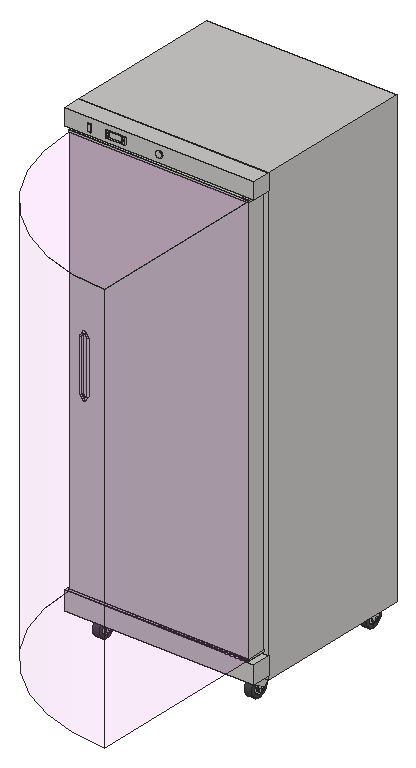
Revit family "QF_Kelvinator_738279_KCHRI25R1DFE_Reach_In_Back_Room_Freezer_31_Long", category Specialty Equipment, Revit 2021
Family settings
  Round Connector Dimension = Use Diameter
  Part Type = Normal
  Work Plane-Based = No
  Always vertical = Yes
  Cut with Voids When Loaded = No
  Shared = No
  Room Calculation Point = No
Parameters
  Weight in Pounds = 264.555
  Watts = if(Phase = 3, Volts * FL Amps * 1.73, Volts * FL Amps)  # 920 W
  Volts = 115 V
  URL Cutsheet = ""
  Type Comments = ""
  Specification by User = ""
  Specification by Manufacturer = ""
  Show Right Door [instance] = not(Show Left Door)  # no
  Show Left Door [instance] = yes
  Serial Number = ""
  Seismic Rating = ""
  SMACNA No = ""
  Revision Code = ""
  Refrigerant Type = "R290"
  Phase = 1
  Number of Poles = 1
  NAFEM Spec ID Number = ""
  Model = "738279 (KCHRI25R1DFE)"
  Min Ckt Ampacity = 0 A
  Max Overcurrent Protection = 0 A
  Masterspec = ""
  Manufacturer = "Kelvinator Commercial"
  Length = 30 9/16"
  Item Number = "738279"
  Installed By = ""
  Identify Quantity as Lot = yes
  Height = 77 3/16"
  HP = "3/4"
  Furnished By = ""
  Foodservice Equipment Identifier = yes
  FL Amps = 8 A
  Electrical Remarks = ""
  Electric Connection Type = ""
  Elec Conn RI Height = 0"
  Elec Conn Connection Height = 0"
  Description = "Reach In Back Room Freezer 31\" Long"
  Depth = 28 3/4"
  Default Elevation = 0"
  Cycle = 60 Hz
  Conn Plug = "5-15P"
  Conn Conduit = yes
  CSI MasterFormat = ""
  Apparent Power = if(Phase = 3, Volts * FL Amps * 1.73, Volts * FL Amps)  # 920 VA
Reference planes (in)
  plane 1 "BACK": y = 0
  plane 2: z = 0
  plane 3 "LEFT": x = 0
  plane 4 "RIGHT": x = 30.5625
  plane 5 "FRONT": y = -28.75
  plane 6 "TOP": z = 77.1875
  plane 7 "Center Y": x = 15.28125
  plane 8 "Center X": y = -14.375
Dimensions and locks (in)
  equal spacing: plane 3 "LEFT", plane 7 "Center Y", plane 4 "RIGHT"
  "Length": plane 3 "LEFT" to plane 4 "RIGHT"
  equal spacing: plane 5 "FRONT", plane 8 "Center X", plane 1 "BACK"
  "Depth": plane 5 "FRONT" to plane 1 "BACK"
  "Height": plane 6 "TOP" to level
  aligned and locked: level to plane 2
Nested families (in)
  nested 1: "KCHRI25R1DRE" at (0, 0, 0), Show Right Door <- "Show Right Door", Show Left Door <- "Show Left Door", type "KCHRI25R1DRE"
    with Show Right Door no, Show Left Door yes, Show Clearance yes
Connectors (in)
  electrical at (28.90625, -0.69297, 3.04521), driven by "Volts", driven by "Watts"
    settings: on nested 1, index 1, voltage 115 V, apparent load 920 VA, apparent load phase1 0 VA, apparent load phase2 0 VA, apparent load phase3 0 VA, power factor 1, load classification "Power", number of poles 1, system type 30, power factor state 1, is connector primary yes, connector utility no, sub classification motor no, connector description "Electrical Connection"
Definition of nested family "KCHRI25R1DRE"
  Parameters (values of type "KCHRI25R1DRE")
    Weight in Pounds = 0
    URL Cutsheet = ""
    Specification by User = ""
    Specification by Manufacturer = ""
    Show Right Door [instance] = yes
    Show Left Door [instance] = yes
    Show Clearance [instance] = yes
    Serial Number = ""
    Seismic Rating = ""
    SMACNA No = ""
    Revision Code = ""
    NAFEM Spec ID Number = ""
    Masterspec = ""
    Length = 30 9/16"
    Item Number = ""
    Installed By = ""
    Identify Quantity as Lot = yes
    Height = 77 3/16"
    Furnished By = ""
    Foodservice Equipment Identifier = yes
    Depth = 28 3/4"
    Default Elevation = 0"
    CSI MasterFormat = ""
  Reference planes (in)
    plane 1 "BACK": y = 0
    plane 2: z = 0
    plane 3 "LEFT": x = 0
    plane 4 "RIGHT": x = 30.5625
    plane 5 "FRONT": y = -28.75
    plane 6 "TOP": z = 77.5625
    plane 7 "Center Y": x = 15.28125
    plane 8 "Center X": y = -14.375
    plane 9: y = -25.79
    plane 10: z = 3.9425
    plane 11: z = 73.4275
    plane 12: z = 8.0775
    plane 13: z = 77.1875
  Forms (in)
    Extrusion 1, solid
      sketch origin (0, 0, 0) x (0, 1, 0) y (0, 0, 1)
        loop
          line (-25.79, 3.9425) -> (0, 3.9425) -> (0, 77.1875) -> (-25.79, 77.1875) -> (-25.79, 3.9425)
      from 0 to 30.5625
    Extrusion 2, solid
      sketch origin (0, -28.75, 76.915) x (0, 0, -1) y (1, 0, 0)
        loop
          line (0.52222, 3.80686) -> (1.77222, 3.80686) -> (1.77222, 4.30686) -> (0.52222, 4.30686) -> (0.52222, 3.80686)
        loop
          circle (1.07423, 15.28125) r 0.5
      from 0 to 0.06
    Extrusion 3, solid
      sketch origin (-16.70908, -28.75, 66.70231) x (-1, 0, 0) y (0, 0, 1)
        loop
          line (-23.36283, 9.70772) -> (-26.51243, 9.70772) -> (-26.51243, 8.52662) -> (-23.36283, 8.52662) -> (-23.36283, 9.70772)
        loop
          line (-23.44157, 9.63107) -> (-23.83527, 9.63107) -> (-23.83527, 9.31193) -> (-23.44157, 9.31193) -> (-23.44157, 9.63107)
        loop
          line (-23.44157, 9.27674) -> (-23.83527, 9.27674) -> (-23.83527, 8.9576) -> (-23.44157, 8.9576) -> (-23.44157, 9.27674)
        loop
          line (-23.44157, 8.92241) -> (-23.83527, 8.92241) -> (-23.83527, 8.60327) -> (-23.44157, 8.60327) -> (-23.44157, 8.92241)
        loop
          line (-26.43369, 9.63107) -> (-26.43369, 9.31193) -> (-26.03999, 9.31193) -> (-26.03999, 9.63107) -> (-26.43369, 9.63107)
        loop
          line (-26.43369, 9.27674) -> (-26.43369, 8.9576) -> (-26.03999, 8.9576) -> (-26.03999, 9.27674) -> (-26.43369, 9.27674)
        loop
          line (-26.43369, 8.92241) -> (-26.43369, 8.60327) -> (-26.03999, 8.60327) -> (-26.03999, 8.92241) -> (-26.43369, 8.92241)
        loop
          line (-23.91275, 9.63107) -> (-25.96251, 9.63107) -> (-25.96251, 8.60716) -> (-23.91275, 8.60716) -> (-23.91275, 9.63107)
      from 0.07874 to -0.04602
    Extrusion 4, solid
      sketch origin (-16.70908, -28.79602, 66.70231) x (1, 0, 0) y (0, 0, 1)
        loop
          line (26.03999, 9.63107) -> (26.03999, 9.31193) -> (26.43369, 9.31193) -> (26.43369, 9.63107) -> (26.03999, 9.63107)
        loop
          line (26.03999, 9.27674) -> (26.03999, 8.9576) -> (26.43369, 8.9576) -> (26.43369, 9.27674) -> (26.03999, 9.27674)
        loop
          line (26.03999, 8.92241) -> (26.03999, 8.60327) -> (26.43369, 8.60327) -> (26.43369, 8.92241) -> (26.03999, 8.92241)
        loop
          line (23.83527, 9.63107) -> (23.44157, 9.63107) -> (23.44157, 9.31193) -> (23.83527, 9.31193) -> (23.83527, 9.63107)
        loop
          line (23.83527, 9.27674) -> (23.44157, 9.27674) -> (23.44157, 8.9576) -> (23.83527, 8.9576) -> (23.83527, 9.27674)
        loop
          line (23.83527, 8.92241) -> (23.44157, 8.92241) -> (23.44157, 8.60327) -> (23.83527, 8.60327) -> (23.83527, 8.92241)
      from 0 to -0.07874
    Extrusion 5, solid
      sketch origin (-16.70908, -28.79602, 66.70231) x (1, 0, 0) y (0, 0, 1)
        loop
          line (23.91275, 9.63107) -> (23.91275, 8.60716) -> (25.96251, 8.60716) -> (25.96251, 9.63107) -> (23.91275, 9.63107)
      from 0 to -0.07874
    Extrusion 6, void
      sketch origin (-16.70908, -28.75, 66.70231) x (-1, 0, 0) y (0, 0, 1)
        loop
          line (-23.36283, 9.70772) -> (-26.51243, 9.70772) -> (-26.51243, 8.52662) -> (-23.36283, 8.52662) -> (-23.36283, 9.70772)
      from 0 to 0.07874
    Extrusion 7, void
      sketch origin (0, -28.75, 4.4425) x (0, 0, -1) y (-1, 0, 0)
        loop
          line (-2.6875, -15.28125) -> (-2.6875, -16.28125) -> (-2.375, -16.28125) -> (-2.375, -15.28125) -> (-2.375, -14.28125) -> (-2.6875, -14.28125) -> (-2.6875, -15.28125)
        loop
          line (-2.1875, -15.28125) -> (-2.1875, -16.28125) -> (-1.875, -16.28125) -> (-1.875, -15.28125) -> (-1.875, -14.28125) -> (-2.1875, -14.28125) -> (-2.1875, -15.28125)
        loop
          line (-1.6875, -15.28125) -> (-1.6875, -16.28125) -> (-1.375, -16.28125) -> (-1.375, -15.28125) -> (-1.375, -14.28125) -> (-1.6875, -14.28125) -> (-1.6875, -15.28125)
        loop
          line (-1.1875, -15.28125) -> (-1.1875, -16.28125) -> (-0.875, -16.28125) -> (-0.875, -15.28125) -> (-0.875, -14.28125) -> (-1.1875, -14.28125) -> (-1.1875, -15.28125)
        loop
          line (-0.6875, -15.28125) -> (-0.6875, -16.28125) -> (-0.375, -16.28125) -> (-0.375, -15.28125) -> (-0.375, -14.28125) -> (-0.6875, -14.28125) -> (-0.6875, -15.28125)
        loop
          line (-2.6875, -18.28125) -> (-2.6875, -19.28125) -> (-2.375, -19.28125) -> (-2.375, -18.28125) -> (-2.375, -17.28125) -> (-2.6875, -17.28125) -> (-2.6875, -18.28125)
        loop
          line (-2.1875, -18.28125) -> (-2.1875, -19.28125) -> (-1.875, -19.28125) -> (-1.875, -18.28125) -> (-1.875, -17.28125) -> (-2.1875, -17.28125) -> (-2.1875, -18.28125)
        loop
          line (-1.6875, -18.28125) -> (-1.6875, -19.28125) -> (-1.375, -19.28125) -> (-1.375, -18.28125) -> (-1.375, -17.28125) -> (-1.6875, -17.28125) -> (-1.6875, -18.28125)
        loop
          line (-1.1875, -18.28125) -> (-1.1875, -19.28125) -> (-0.875, -19.28125) -> (-0.875, -18.28125) -> (-0.875, -17.28125) -> (-1.1875, -17.28125) -> (-1.1875, -18.28125)
        loop
          line (-0.6875, -18.28125) -> (-0.6875, -19.28125) -> (-0.375, -19.28125) -> (-0.375, -18.28125) -> (-0.375, -17.28125) -> (-0.6875, -17.28125) -> (-0.6875, -18.28125)
        loop
          line (-2.6875, -21.28125) -> (-2.6875, -22.28125) -> (-2.375, -22.28125) -> (-2.375, -21.28125) -> (-2.375, -20.28125) -> (-2.6875, -20.28125) -> (-2.6875, -21.28125)
        loop
          line (-2.1875, -21.28125) -> (-2.1875, -22.28125) -> (-1.875, -22.28125) -> (-1.875, -21.28125) -> (-1.875, -20.28125) -> (-2.1875, -20.28125) -> (-2.1875, -21.28125)
        loop
          line (-1.6875, -21.28125) -> (-1.6875, -22.28125) -> (-1.375, -22.28125) -> (-1.375, -21.28125) -> (-1.375, -20.28125) -> (-1.6875, -20.28125) -> (-1.6875, -21.28125)
        loop
          line (-1.1875, -21.28125) -> (-1.1875, -22.28125) -> (-0.875, -22.28125) -> (-0.875, -21.28125) -> (-0.875, -20.28125) -> (-1.1875, -20.28125) -> (-1.1875, -21.28125)
        loop
          line (-0.6875, -21.28125) -> (-0.6875, -22.28125) -> (-0.375, -22.28125) -> (-0.375, -21.28125) -> (-0.375, -20.28125) -> (-0.6875, -20.28125) -> (-0.6875, -21.28125)
        loop
          line (-2.6875, -24.28125) -> (-2.6875, -25.28125) -> (-2.375, -25.28125) -> (-2.375, -24.28125) -> (-2.375, -23.28125) -> (-2.6875, -23.28125) -> (-2.6875, -24.28125)
        loop
          line (-2.1875, -24.28125) -> (-2.1875, -25.28125) -> (-1.875, -25.28125) -> (-1.875, -24.28125) -> (-1.875, -23.28125) -> (-2.1875, -23.28125) -> (-2.1875, -24.28125)
        loop
          line (-1.6875, -24.28125) -> (-1.6875, -25.28125) -> (-1.375, -25.28125) -> (-1.375, -24.28125) -> (-1.375, -23.28125) -> (-1.6875, -23.28125) -> (-1.6875, -24.28125)
        loop
          line (-1.1875, -24.28125) -> (-1.1875, -25.28125) -> (-0.875, -25.28125) -> (-0.875, -24.28125) -> (-0.875, -23.28125) -> (-1.1875, -23.28125) -> (-1.1875, -24.28125)
        loop
          line (-0.6875, -24.28125) -> (-0.6875, -25.28125) -> (-0.375, -25.28125) -> (-0.375, -24.28125) -> (-0.375, -23.28125) -> (-0.6875, -23.28125) -> (-0.6875, -24.28125)
        loop
          line (-2.6875, -27.28125) -> (-2.6875, -28.28125) -> (-2.375, -28.28125) -> (-2.375, -27.28125) -> (-2.375, -26.28125) -> (-2.6875, -26.28125) -> (-2.6875, -27.28125)
        loop
          line (-2.1875, -27.28125) -> (-2.1875, -28.28125) -> (-1.875, -28.28125) -> (-1.875, -27.28125) -> (-1.875, -26.28125) -> (-2.1875, -26.28125) -> (-2.1875, -27.28125)
        loop
          line (-1.6875, -27.28125) -> (-1.6875, -28.28125) -> (-1.375, -28.28125) -> (-1.375, -27.28125) -> (-1.375, -26.28125) -> (-1.6875, -26.28125) -> (-1.6875, -27.28125)
        loop
          line (-1.1875, -27.28125) -> (-1.1875, -28.28125) -> (-0.875, -28.28125) -> (-0.875, -27.28125) -> (-0.875, -26.28125) -> (-1.1875, -26.28125) -> (-1.1875, -27.28125)
        loop
          line (-0.6875, -27.28125) -> (-0.6875, -28.28125) -> (-0.375, -28.28125) -> (-0.375, -27.28125) -> (-0.375, -26.28125) -> (-0.6875, -26.28125) -> (-0.6875, -27.28125)
        loop
          line (-2.6875, -12.28125) -> (-2.6875, -13.28125) -> (-2.375, -13.28125) -> (-2.375, -12.28125) -> (-2.375, -11.28125) -> (-2.6875, -11.28125) -> (-2.6875, -12.28125)
        loop
          line (-2.1875, -12.28125) -> (-2.1875, -13.28125) -> (-1.875, -13.28125) -> (-1.875, -12.28125) -> (-1.875, -11.28125) -> (-2.1875, -11.28125) -> (-2.1875, -12.28125)
        loop
          line (-1.6875, -12.28125) -> (-1.6875, -13.28125) -> (-1.375, -13.28125) -> (-1.375, -12.28125) -> (-1.375, -11.28125) -> (-1.6875, -11.28125) -> (-1.6875, -12.28125)
        loop
          line (-1.1875, -12.28125) -> (-1.1875, -13.28125) -> (-0.875, -13.28125) -> (-0.875, -12.28125) -> (-0.875, -11.28125) -> (-1.1875, -11.28125) -> (-1.1875, -12.28125)
        loop
          line (-0.6875, -12.28125) -> (-0.6875, -13.28125) -> (-0.375, -13.28125) -> (-0.375, -12.28125) -> (-0.375, -11.28125) -> (-0.6875, -11.28125) -> (-0.6875, -12.28125)
        loop
          line (-2.6875, -9.28125) -> (-2.6875, -10.28125) -> (-2.375, -10.28125) -> (-2.375, -9.28125) -> (-2.375, -8.28125) -> (-2.6875, -8.28125) -> (-2.6875, -9.28125)
        loop
          line (-2.1875, -9.28125) -> (-2.1875, -10.28125) -> (-1.875, -10.28125) -> (-1.875, -9.28125) -> (-1.875, -8.28125) -> (-2.1875, -8.28125) -> (-2.1875, -9.28125)
        loop
          line (-1.6875, -9.28125) -> (-1.6875, -10.28125) -> (-1.375, -10.28125) -> (-1.375, -9.28125) -> (-1.375, -8.28125) -> (-1.6875, -8.28125) -> (-1.6875, -9.28125)
        loop
          line (-1.1875, -9.28125) -> (-1.1875, -10.28125) -> (-0.875, -10.28125) -> (-0.875, -9.28125) -> (-0.875, -8.28125) -> (-1.1875, -8.28125) -> (-1.1875, -9.28125)
        loop
          line (-0.6875, -9.28125) -> (-0.6875, -10.28125) -> (-0.375, -10.28125) -> (-0.375, -9.28125) -> (-0.375, -8.28125) -> (-0.6875, -8.28125) -> (-0.6875, -9.28125)
        loop
          line (-2.6875, -6.28125) -> (-2.6875, -7.28125) -> (-2.375, -7.28125) -> (-2.375, -6.28125) -> (-2.375, -5.28125) -> (-2.6875, -5.28125) -> (-2.6875, -6.28125)
        loop
          line (-2.1875, -6.28125) -> (-2.1875, -7.28125) -> (-1.875, -7.28125) -> (-1.875, -6.28125) -> (-1.875, -5.28125) -> (-2.1875, -5.28125) -> (-2.1875, -6.28125)
        loop
          line (-1.6875, -6.28125) -> (-1.6875, -7.28125) -> (-1.375, -7.28125) -> (-1.375, -6.28125) -> (-1.375, -5.28125) -> (-1.6875, -5.28125) -> (-1.6875, -6.28125)
        loop
          line (-1.1875, -6.28125) -> (-1.1875, -7.28125) -> (-0.875, -7.28125) -> (-0.875, -6.28125) -> (-0.875, -5.28125) -> (-1.1875, -5.28125) -> (-1.1875, -6.28125)
        loop
          line (-0.6875, -6.28125) -> (-0.6875, -7.28125) -> (-0.375, -7.28125) -> (-0.375, -6.28125) -> (-0.375, -5.28125) -> (-0.6875, -5.28125) -> (-0.6875, -6.28125)
        loop
          line (-2.6875, -3.28125) -> (-2.6875, -4.28125) -> (-2.375, -4.28125) -> (-2.375, -3.28125) -> (-2.375, -2.28125) -> (-2.6875, -2.28125) -> (-2.6875, -3.28125)
        loop
          line (-2.1875, -3.28125) -> (-2.1875, -4.28125) -> (-1.875, -4.28125) -> (-1.875, -3.28125) -> (-1.875, -2.28125) -> (-2.1875, -2.28125) -> (-2.1875, -3.28125)
        loop
          line (-1.6875, -3.28125) -> (-1.6875, -4.28125) -> (-1.375, -4.28125) -> (-1.375, -3.28125) -> (-1.375, -2.28125) -> (-1.6875, -2.28125) -> (-1.6875, -3.28125)
        loop
          line (-1.1875, -3.28125) -> (-1.1875, -4.28125) -> (-0.875, -4.28125) -> (-0.875, -3.28125) -> (-0.875, -2.28125) -> (-1.1875, -2.28125) -> (-1.1875, -3.28125)
        loop
          line (-0.6875, -3.28125) -> (-0.6875, -4.28125) -> (-0.375, -4.28125) -> (-0.375, -3.28125) -> (-0.375, -2.28125) -> (-0.6875, -2.28125) -> (-0.6875, -3.28125)
      from 0 to 0.03
    Extrusion 8, solid
      sketch origin (13.625, 2.61838, 3.9425) x (-1, 0, 0) y (0, 1, 0)
        loop
          circle (-15.28125, -3.31134) r 0.25
      from 0 to 0.89729
    Extrusion 9, solid
      sketch origin (0, 0, 0) x (0, 1, 0) y (0, 0, 1)
        loop
          line (-28.75, 77.1875) -> (-28.75, 74.5625) -> (-25.79, 74.5625) -> (-25.79, 77.1875) -> (-28.75, 77.1875)
        loop
          line (-25.79, 4.4425) -> (-25.79, 7.4425) -> (-28.75, 7.4425) -> (-28.75, 4.4425) -> (-25.79, 4.4425)
      from 0 to 30.5625
  Cuts and joins
    Extrusion 6 cuts Extrusion 3
    Extrusion 7 cuts Extrusion 1
  Lines and regions (in)
    Split face 1
      outline origin (0, -28.75, 76.915) x (0, 0, -1) y (1, 0, 0)
        loop
          line (-0.045, 27.9375) -> (-0.045, 2.625)
          arc (-0.045, 2.625) -> (1.08, 1.5) -> (2.205, 2.625) r 1.125
          line (2.205, 2.625) -> (2.205, 27.9375)
          arc (2.205, 27.9375) -> (1.08, 29.0625) -> (-0.045, 27.9375) r 1.125
    symbolic lines
      curve 1: line (0, -28.75, 0) -> (0, 0, 0)
      curve 2: line (30.5625, 0, 0) -> (0, 0, 0)
      curve 3: line (30.5625, -28.75, 0) -> (30.5625, 0, 0)
      curve 4: line (30.5625, -25.79, 0) -> (0, -25.79, 0)
      curve 5: line (0, -28.75, 0) -> (30.5625, -28.75, 0)
      curve 6: line (3.80686, -28.81, 0) -> (4.30686, -28.81, 0)
      curve 7: line (4.30686, -28.81, 0) -> (4.30686, -28.75, 0)
      curve 8: line (3.80686, -28.81, 0) -> (3.80686, -28.75, 0)
      curve 9: line (6.65374, -28.79602, 0) -> (9.80335, -28.79602, 0)
      curve 10: line (9.80335, -28.79602, 0) -> (9.80335, -28.75, 0)
      curve 11: line (6.65374, -28.79602, 0) -> (6.65374, -28.75, 0)
      curve 12: line (14.78125, -28.81, 0) -> (15.78125, -28.81, 0)
      curve 13: line (15.78125, -28.81, 0) -> (15.78125, -28.75, 0)
      curve 14: line (14.78125, -28.81, 0) -> (14.78125, -28.75, 0)
  Dimensions and locks (in)
    equal spacing: plane 3 "LEFT", plane 7 "Center Y", plane 4 "RIGHT"
    "Length": plane 3 "LEFT" to plane 4 "RIGHT"
    equal spacing: plane 5 "FRONT", plane 8 "Center X", plane 1 "BACK"
    "Depth": plane 5 "FRONT" to plane 1 "BACK"
    plane 6 "TOP" to level = 77 9/16"  (x2)
    plane 9 to plane 1 "BACK" = 25.79"
    plane 5 "FRONT" to plane 9 = 2.96"
    plane 6 "TOP" to plane 10 = 73.62"
    plane 11 to plane 12 = 65.35"
    plane 10 to level = 3.9425"
    "Height": plane 13 to plane 2
    aligned and locked: level to plane 2
  Automatic sketch dimensions
    Extrusion 1 sketch curve to plane 10 = 0"
    Extrusion 2 sketch curve to Extrusion 2 sketch curve = 1/2"
    Extrusion 2 sketch curve to Extrusion 2 sketch curve = 10.97439"
    Extrusion 3 sketch curve to plane 6 "TOP" = 1.15247"
    Extrusion 3 sketch curve to plane 7 "Center Y" = 5.4779"
    Extrusion 3 sketch curve to Extrusion 3 sketch curve = 0.07874"  (x3)
    Extrusion 3 sketch curve to Extrusion 3 sketch curve = 0"  (x8)
    Extrusion 3 sketch curve to Extrusion 3 sketch curve = 0.3937"  (x2)
    Extrusion 3 sketch curve to Extrusion 3 sketch curve = 0.07748"  (x3)
    Extrusion 3 sketch curve to Extrusion 3 sketch curve = 2.04976"
    Extrusion 3 sketch curve to Extrusion 3 sketch curve = 0.07665"  (x2)
    Extrusion 3 sketch curve to Extrusion 3 sketch curve = 0.31914"  (x6)
    Extrusion 3 sketch curve to Extrusion 3 sketch curve = 0.03519"  (x4)
    Extrusion 3 sketch curve to Extrusion 3 sketch curve = 0.31525"
    Extrusion 3 to Extrusion 4 sketch curve = 0"  (x10)
    Extrusion 4 sketch curve to Extrusion 3 = 0"  (x14)
    Extrusion 5 sketch curve to Extrusion 3 = 0"  (x3)
    Extrusion 3 to Extrusion 5 sketch curve = 0"
    Extrusion 6 sketch curve to plane 6 "TOP" = 1.15247"
    Extrusion 6 sketch curve to plane 7 "Center Y" = 5.4779"
    Extrusion 6 sketch curve to Extrusion 6 sketch curve = 3.14961"
    Extrusion 6 sketch curve to Extrusion 6 sketch curve = 1.1811"
    Extrusion 7 sketch curve to Extrusion 7 sketch curve = 5/16"  (x45)
    Extrusion 7 sketch curve to Extrusion 7 sketch curve = 3/16"  (x36)
    Extrusion 7 sketch curve to Extrusion 7 sketch curve = 0"  (x141)
    Extrusion 7 sketch curve to Extrusion 7 sketch curve = 1"  (x38)
    plane 1 "BACK" to curve 1 = 0"
    curve 1 to plane 3 "LEFT" = 0"
    plane 5 "FRONT" to curve 14 = 0"
    curve 3 to plane 4 "RIGHT" = 0"
    plane 9 to curve 4 = 0"
    plane 5 "FRONT" to curve 6 = 0.06"
    plane 3 "LEFT" to curve 6 = 3.80686"
    curve 6 to curve 7 = 1/2"
    plane 5 "FRONT" to curve 9 = 0.04602"
    curve 6 to curve 9 = 2.34688"
    curve 9 to curve 10 = 3.14961"
    plane 5 "FRONT" to curve 13 = 0.06"
    plane 7 "Center Y" to curve 13 = 1/2"
    curve 14 to plane 7 "Center Y" = 1/2"
    Extrusion 1 to Extrusion 8 sketch curve = 0.69297"
    Extrusion 8 sketch curve to Extrusion 1 = 1 21/32"
    Extrusion 1 sketch curve to plane 9 = 0"
    Extrusion 1 sketch curve to plane 1 "BACK" = 0"
    Extrusion 1 sketch curve to plane 6 "TOP" = 3/8"
    Extrusion 2 sketch curve to plane 7 "Center Y" = 0"
    Extrusion 2 sketch curve to plane 6 "TOP" = 1.16972"
    Extrusion 2 sketch curve to plane 6 "TOP" = 1.72173"
    Extrusion 2 sketch curve to Extrusion 2 sketch curve = 1 1/4"
    Extrusion 7 sketch curve to plane 7 "Center Y" = 0"
    Extrusion 7 sketch curve to plane 12 = 0.9475"  (x9)
    Extrusion 9 sketch curve to plane 5 "FRONT" = 0"  (x2)
    Extrusion 9 sketch curve to plane 9 = 0"  (x2)
    plane 10 to Extrusion 9 sketch curve = 1/2"
    Extrusion 9 sketch curve to plane 12 = 0.635"
    plane 11 to Extrusion 9 sketch curve = 1.135"
    Extrusion 9 sketch curve to plane 6 "TOP" = 3/8"
    Split face 1 sketch curve to Extrusion 9 = 0.2275"
    Split face 1 sketch curve to Split face 1 sketch curve = 1 1/8"
    Split face 1 sketch curve to Extrusion 9 = 2 5/8"  (x2)
    radius of Extrusion 2 sketch curve = 1/2"
    radius of Extrusion 8 sketch curve = 1/4"
  Nested families (in)
    nested 1: "Family4" at (0.78452, -25.79, 7.7025), Show Clearance <- "Show Left Door", visible <- "Show Left Door", type "Family4"
    nested 2: "4 INCHES_CASTER" at (27.5625, -23.79, 0), type "4 INCHES_CASTER"
      with Type Mark "", Specification by User "", Show 4 Inches Casters yes, Revision Code "", Item Number "", Installed By "", Identify Quantity as Lot yes, Furnished By "", Foodservice Equipment Identifier yes
    nested 3: "4 INCHES_CASTER" at (3, -23.79, 0), type "4 INCHES_CASTER"
      with Type Mark "", Specification by User "", Show 4 Inches Casters yes, Revision Code "", Item Number "", Installed By "", Identify Quantity as Lot yes, Furnished By "", Foodservice Equipment Identifier yes
    nested 4: "4 INCHES_CASTER" at (27.5625, -2.415, 0) x (-1, 0, 0) z (0, 0, 1), type "4 INCHES_CASTER"
      with Type Mark "", Specification by User "", Show 4 Inches Casters yes, Revision Code "", Item Number "", Installed By "", Identify Quantity as Lot yes, Furnished By "", Foodservice Equipment Identifier yes
    nested 5: "4 INCHES_CASTER" at (3, -2.415, 0) x (-1, 0, 0) z (0, 0, 1), type "4 INCHES_CASTER"
      with Type Mark "", Specification by User "", Show 4 Inches Casters yes, Revision Code "", Item Number "", Installed By "", Identify Quantity as Lot yes, Furnished By "", Foodservice Equipment Identifier yes
    nested 6: "Family4" at (29.77798, -25.79, 7.7025) x (-1, 0, 0) z (0, 0, 1), Show Clearance <- "Show Right Door", visible <- "Show Right Door", type "Family4"
  Definition of nested family "Family4"
    Parameters (values of type "Family4")
      Weight in Pounds = 0
      URL Cutsheet = ""
      Specification by User = ""
      Specification by Manufacturer = ""
      Show Clearance [instance] = yes
      Serial Number = ""
      Seismic Rating = ""
      SMACNA No = ""
      Revision Code = ""
      NAFEM Spec ID Number = ""
      Masterspec = ""
      Length = 28.89"
      Item Number = ""
      Installed By = ""
      Identify Quantity as Lot = yes
      Height = 66 1/2"
      Furnished By = ""
      Foodservice Equipment Identifier = yes
      Depth = 2.95"
      Default Elevation = 0"
      CSI MasterFormat = ""
    Reference planes (in)
      plane 1 "BACK": y = 0
      plane 2: z = 0
      plane 3 "LEFT": x = 0
      plane 4 "RIGHT": x = 28.89
      plane 5 "FRONT": y = -2.95
      plane 6 "TOP": z = 66.5
      plane 7 "Center Y": x = 14.445
      plane 8 "Center X": y = -1.475
    Forms (in)
      Extrusion 1, solid
        sketch origin (0, 0, 0) x (1, 0, 0) y (0, 0, 1)
          loop
            line (0, 66.5) -> (0, 0) -> (28.89, 0) -> (28.89, 66.5) -> (0, 66.5)
        from 0 to 2.95
      Extrusion 2, void
        sketch origin (0, -2.95, 3) x (-1, 0, 0) y (0, 0, 1)
          loop
            line (-1.94791, 26.10318) -> (-1.94791, 34.45318) -> (-2.28604, 34.99418)
            arc (-2.28604, 34.99418) -> (-2.38541, 35.04926) -> (-2.48479, 34.99418) r 0.11719
            line (-2.48479, 34.99418) -> (-2.82291, 34.45318) -> (-2.82291, 26.10318) -> (-2.48621, 25.56446)
            arc (-2.48621, 25.56446) -> (-2.38541, 25.50859) -> (-2.28462, 25.56446) r 0.11887
            line (-2.28462, 25.56446) -> (-1.94791, 26.10318)
        from 0 to 0.31887
      Sweep 3, solid
        path origin (0, 0, 3) x (1, 0, 0) y (0, 0, 1)
          loop
            line (2.82291, 34.45318) -> (2.48479, 34.99418)
            arc (2.48479, 34.99418) -> (2.38541, 35.04926) -> (2.28604, 34.99418) r 0.11719
            line (2.28604, 34.99418) -> (1.94791, 34.45318) -> (1.94791, 26.10318) -> (2.28462, 25.56446)
            arc (2.28462, 25.56446) -> (2.38541, 25.50859) -> (2.48621, 25.56446) r 0.11887
            line (2.48621, 25.56446) -> (2.82291, 26.10318) -> (2.82291, 34.45318)
        profile origin (2.82291, 0, 33.27818) x (0, -1, 0) y (1, 0, 0)
          loop
            arc (2.95, 0) -> (3.00269, 0.125) -> (2.95, 0.25) r 0.17461
            line (2.95, 0.25) -> (2.95, 0)
      Extrusion 4, solid, visible <- "Show Clearance"
        sketch origin (0, 0, 0) x (1, 0, 0) y (0, 1, 0)
          loop
            arc (0, -2.95) -> (8.46169, -23.37831) -> (28.89, -31.84) r 28.89
            line (28.89, -31.84) -> (28.89, -2.95) -> (0, -2.95)
        from 0 to 66.25
      Extrusion 5, solid
        sketch origin (-10.88143, -1.475, 48) x (-1, 0, 0) y (0, 0, 1)
          loop
            line (-10.78768, 18.5) -> (-39.86518, 18.5) -> (-39.86518, 18.25) -> (-10.78768, 18.25) -> (-10.78768, 18.5)
          loop
            line (-10.78768, -48) -> (-10.78768, -47.75) -> (-39.86518, -47.75) -> (-39.86518, -48) -> (-10.78768, -48)
        from -1.57031 to 1.57031
      Extrusion 6, solid
        sketch origin (0.5, 0, 0) x (1, 0, 0) y (0, 1, 0)
          loop
            line (28.39, 0) -> (26.64, 0) -> (27.39, -3.04531) -> (28.39, -3.04531) -> (28.39, 0)
        from 0 to -0.125
      Extrusion 7, solid
        sketch origin (0.40625, -1.475, 66.5) x (1, 0, 0) y (0, 1, 0)
          loop
            line (28.48375, 1.475) -> (26.73375, 1.475) -> (27.48375, -1.57031) -> (28.48375, -1.57031) -> (28.48375, 1.475)
        from 0 to 0.125
    Cuts and joins
      Extrusion 2 cuts Extrusion 1
    Lines and regions (in)
      symbolic lines, visible <- "Show Clearance"
        curve 1: arc (0, -2.95, 0) -> (0.84294, -9.87781, 0) -> (3.32257, -16.40134, 0) r 28.89
        curve 2: line (28.89, -2.95, 0) -> (3.32257, -16.40134, 0)
    Dimensions and locks (in)
      equal spacing: plane 3 "LEFT", plane 7 "Center Y", plane 4 "RIGHT"
      "Length": plane 3 "LEFT" to plane 4 "RIGHT"
      equal spacing: plane 5 "FRONT", plane 8 "Center X", plane 1 "BACK"
      "Depth": plane 5 "FRONT" to plane 1 "BACK"
      "Height": plane 6 "TOP" to level
      aligned and locked: level to plane 2
    Automatic sketch dimensions
      curve 1 to plane 3 "LEFT" = 0"
      curve 2 to plane 4 "RIGHT" = 0"
      curve 1 to plane 4 "RIGHT" = 0"
      plane 5 "FRONT" to curve 2 = 0"
      plane 5 "FRONT" to curve 1 = 0"
      plane 3 "LEFT" to curve 2 = 3.32257"
      Extrusion 1 sketch curve to level = 0"
      Extrusion 1 sketch curve to plane 3 "LEFT" = 0"
      plane 4 "RIGHT" to Extrusion 1 sketch curve = 0"
      Extrusion 1 sketch curve to plane 6 "TOP" = 0"
      Extrusion 1 to Extrusion 2 sketch curve = 2.82291"
      Extrusion 2 sketch curve to Extrusion 2 sketch curve = 0.3367"
      Extrusion 2 sketch curve to Extrusion 2 sketch curve = 0.33813"  (x2)
      Extrusion 2 sketch curve to Extrusion 2 sketch curve = 0.09937"  (x2)
      Extrusion 2 sketch curve to Extrusion 2 sketch curve = 0.1008"  (x2)
      Extrusion 1 to Extrusion 2 sketch curve = 28.56446"
      Extrusion 2 sketch curve to Extrusion 2 sketch curve = 0.063"
      Extrusion 2 sketch curve to Extrusion 2 sketch curve = 0.53872"  (x2)
      Extrusion 2 sketch curve to Extrusion 2 sketch curve = 8.35"
      Extrusion 2 sketch curve to Extrusion 2 sketch curve = 0"
      Extrusion 2 sketch curve to Extrusion 2 sketch curve = 0.47889"
      Extrusion 2 sketch curve to Extrusion 2 sketch curve = 0.06211"
      plane 3 "LEFT" to Sweep 3 sketch curve = 1.94791"
      Sweep 3 sketch curve to Sweep 3 sketch curve = 0.3367"
      Sweep 3 sketch curve to Sweep 3 sketch curve = 0.33813"  (x2)
      Sweep 3 sketch curve to Sweep 3 sketch curve = 0.09937"  (x2)
      Sweep 3 sketch curve to Sweep 3 sketch curve = 0.1008"  (x2)
      level to Sweep 3 sketch curve = 28.56446"
      Sweep 3 sketch curve to Sweep 3 sketch curve = 0.063"
      Sweep 3 sketch curve to Sweep 3 sketch curve = 0.53872"  (x2)
      Sweep 3 sketch curve to Sweep 3 sketch curve = 8.35"
      Sweep 3 sketch curve to Sweep 3 sketch curve = 0"
      Sweep 3 sketch curve to Sweep 3 sketch curve = 0.47889"
      Sweep 3 sketch curve to Sweep 3 sketch curve = 0.06211"
      Sweep 3 sketch curve to profile plane = 0"
      Sweep 3 sketch curve to profile plane = 1/8"
      plane 1 "BACK" to Sweep 3 sketch curve = 2.82809"
      Sweep 3 sketch curve to Sweep 3 sketch curve = 0.12191"
      Extrusion 4 sketch curve to plane 3 "LEFT" = 0"
      Extrusion 4 sketch curve to plane 4 "RIGHT" = 0"
      plane 5 "FRONT" to Extrusion 4 sketch curve = 0"
      Extrusion 5 sketch curve to plane 6 "TOP" = 0"
      Extrusion 5 sketch curve to level = 0"
      Extrusion 5 sketch curve to plane 4 "RIGHT" = 3/32"  (x2)
      Extrusion 5 sketch curve to plane 3 "LEFT" = 3/32"  (x2)
      level to Extrusion 5 sketch curve = 1/4"
      Extrusion 5 sketch curve to Extrusion 5 sketch curve = 1/4"
      plane 1 "BACK" to Extrusion 6 sketch curve = 0"
      plane 4 "RIGHT" to Extrusion 6 sketch curve = 1 3/4"
      plane 5 "FRONT" to Extrusion 6 sketch curve = 0.09531"
      plane 4 "RIGHT" to Extrusion 6 sketch curve = 1"
      plane 4 "RIGHT" to Extrusion 6 sketch curve = 0"
      Extrusion 7 sketch curve to Extrusion 5 = 0"
      Extrusion 5 to Extrusion 7 sketch curve = 0.09531"
      Extrusion 7 sketch curve to Extrusion 5 = 1 27/32"
      Extrusion 7 sketch curve to Extrusion 5 = 1 3/32"
      Extrusion 7 sketch curve to Extrusion 5 = 3/32"
  Definition of nested family "4 INCHES_CASTER"
    Parameters (values of type "4 INCHES_CASTER")
      Weight = ""
      URL Manufacturer = ""
      URL Cutsheet = ""
      URL = ""
      Type Mark [instance] = ""
      Specification by User [instance] = ""
      Specification by Manufacturer = ""
      Show 4 Inches Casters [instance] = yes
      Serial Number = ""
      Seismic Rating = ""
      SMACNA No = ""
      Revision Code [instance] = ""
      Omniclass Number and Title = ""
      NAFEM Spec ID Number = ""
      Model = ""
      MasterSpec. = ""
      Manufacturer = ""
      Item Number [instance] = ""
      Installed By [instance] = ""
      Identify Quantity as Lot [instance] = yes
      Furnished By [instance] = ""
      Foodservice Equipment Identifier [instance] = yes
      Description = ""
      Default Elevation = 0"
      CSI MasterFormat = ""
      CSI Master Format = ""
      Assembly Code = ""
    Reference planes (in)
      plane 1: z = 0
      plane 2 "RIGHT": x = 0
      plane 3 "FRONT": y = 0
      plane 4 "TOP": z = 3.94
    Forms (in)
      Revolve 1, solid, visible <- "Show 4 Inches Casters"
        sketch origin (-1.93794, 0.83816, -1.0041) x (1, 0, 0) y (0, 0, 1)
          loop
            line (0.74055, 2.5041) -> (3.15007, 2.5041) -> (3.15007, 2.5796) -> (3.10007, 2.6296) -> (3.04007, 2.6296) -> (3.04007, 2.74967) -> (2.62438, 2.74967) -> (2.62438, 2.93884) -> (2.48438, 3.01967) -> (2.45908, 3.17597) -> (2.51563, 3.17597) -> (2.51563, 3.41035) -> (2.48438, 3.41035) -> (2.48438, 4.0041) -> (1.375, 4.0041) -> (1.375, 3.41035) -> (1.34375, 3.41035) -> (1.34375, 3.17597) -> (1.4003, 3.17597) -> (1.37557, 3.02318) -> (1.235, 2.94202) -> (1.235, 2.74967) -> (0.85055, 2.74967) -> (0.85055, 2.6296) -> (0.79055, 2.6296) -> (0.74055, 2.5796) -> (0.74055, 2.5041)
          axis (0.74055, 2.5041) -> (3.15007, 2.5041)
        angle from 0 to 360
      Extrusion 2, solid, visible <- "Show 4 Inches Casters"
        sketch origin (-1.93794, 1.80294, -1.7541) x (0, 1, 0) y (0, 0, 1)
          loop
            line (-3.08794, 5.33423) -> (-3.08794, 5.00584) -> (-2.69466, 5.00584)
            arc (-2.69466, 5.00584) -> (-1.57175, 4.94895) -> (-0.46376, 4.75787) r 9.36411
            arc (-0.46376, 4.75787) -> (-0.05889, 4.58436) -> (0.28335, 4.30705) r 1.60049
            line (0.28335, 4.30705) -> (0.34449, 4.39437)
            arc (0.34449, 4.39437) -> (0.12713, 4.6163) -> (-0.1239, 4.79931) r 1.8753
            line (-0.1239, 4.79931) -> (-0.05749, 4.91421)
            arc (-0.05749, 4.91421) -> (-0.33807, 5.05694) -> (-0.64294, 5.13542) r 1.44292
            line (-0.64294, 5.13542) -> (-0.64294, 5.33423) -> (-3.08794, 5.33423)
        from 1.1267 to 2.74918
      Revolve 3, solid, visible <- "Show 4 Inches Casters"
        sketch origin (0, 2.15543, -2.25) x (0, 1, 0) y (0, 0, 1)
          loop
            line (-2.21793, 6.19) -> (-2.21793, 5.83014) -> (-1.05793, 5.83014) -> (-1.05793, 6.19) -> (-2.21793, 6.19)
          axis (-2.21793, 5.83014) -> (-2.21793, 6.19)
        angle from 0 to 360
      Extrusion 4, solid, visible <- "Show 4 Inches Casters"
        sketch origin (-1.93794, 1.80294, -1.7541) x (0, 1, 0) y (0, 0, 1)
          loop
            line (-3.08794, 5.33423) -> (-3.08794, 5.00584) -> (-2.8913, 5.00584)
            arc (-2.8913, 5.00584) -> (-2.09118, 4.14057) -> (-1.45681, 3.14736) r 6.63355
            arc (-1.45681, 3.14736) -> (-0.85703, 2.75969) -> (-0.4561, 3.35069) r 0.5107
            arc (-0.4561, 3.35069) -> (-0.27092, 3.92503) -> (0.24034, 4.24562) r 0.88136
            line (0.24034, 4.24562) -> (0.34449, 4.39437)
            arc (0.34449, 4.39437) -> (0.12713, 4.6163) -> (-0.1239, 4.79931) r 1.8753
            line (-0.1239, 4.79931) -> (-0.05749, 4.91421)
            arc (-0.05749, 4.91421) -> (-0.33807, 5.05694) -> (-0.64294, 5.13542) r 1.44292
            line (-0.64294, 5.13542) -> (-0.64294, 5.33423) -> (-3.08794, 5.33423)
        from 2.74918 to 2.90825
      Extrusion 5, solid, visible <- "Show 4 Inches Casters"
        sketch origin (1.93794, 1.80294, -1.7541) x (0, 1, 0) y (0, 0, -1)
          loop
            line (-3.08794, -5.33423) -> (-0.64294, -5.33423) -> (-0.64294, -5.13542)
            arc (-0.64294, -5.13542) -> (-0.33807, -5.05694) -> (-0.05749, -4.91421) r 1.44292
            line (-0.05749, -4.91421) -> (-0.1239, -4.79931)
            arc (-0.1239, -4.79931) -> (0.12713, -4.6163) -> (0.34449, -4.39437) r 1.8753
            line (0.34449, -4.39437) -> (0.24034, -4.24562)
            arc (0.24034, -4.24562) -> (-0.27092, -3.92503) -> (-0.4561, -3.35069) r 0.88136
            arc (-0.4561, -3.35069) -> (-0.85703, -2.75969) -> (-1.45681, -3.14736) r 0.5107
            arc (-1.45681, -3.14736) -> (-2.09118, -4.14057) -> (-2.8913, -5.00584) r 6.63355
            line (-2.8913, -5.00584) -> (-3.08794, -5.00584) -> (-3.08794, -5.33423)
        from 2.74918 to 2.90825
    Cuts and joins
      joined: Extrusion 2, Extrusion 4, Extrusion 5
    Lines and regions (in)
      symbolic lines, visible <- "Show 4 Inches Casters"
        curve 1: line (0.28481, 1.83041, 0) -> (1.24556, 1.27572, 0)
        curve 2: line (-1.26206, -0.84886, 0) -> (0.28481, 1.83041, 0)
        curve 3: line (-0.30132, -1.40355, 0) -> (-1.26206, -0.84886, 0)
        curve 4: line (1.24556, 1.27572, 0) -> (-0.30132, -1.40355, 0)
    Dimensions and locks (in)
      plane 4 "TOP" to level = 3.94"  (x2)
      aligned and locked: level to plane 1
